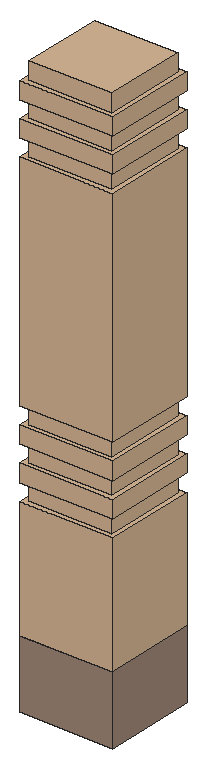
Revit family "GEN_A3-PECANWOOD-SQUARE-PIER-(DOUBLE-VOLUME)", category Columns, Revit 2016
Family settings
  Cut with Voids When Loaded = No
  Automatically joins geometry to walls = Yes
  Shared = No
  Show family pre-cut in plan views = Yes
Parameters (values of type "PECANWOOD SQUARE PIER (DOUBLE VOLUME)")
  STEP = 340 mm
  NIB WIDTH = 460 mm
  NIB DEPTH. = 460 mm
  Assembly Code = ""
Reference planes
  plane 1: z = 0
  plane 2 "Left": x = -135
  plane 3 "Right": x = 325
  plane 4 "Back": y = 135
  plane 5 "Front": y = -325
  plane 6: z = -340
Forms (mm)
  Extrusion 1, solid, material "-WALL"
    sketch origin (0, 0, 0) x (1, 0, 0) y (0, 1, 0)
      loop
        line (-135, -325) -> (325, -325) -> (325, 135) -> (-135, 135) -> (-135, -325)
    from 0 to 2550
  Sweep 2, void
    path origin (-101.756, 0, 2550) x (1, 0, 0) y (0, 1, 0)
      loop
        line (426.756, 135) -> (-33.244, 135) -> (-33.244, -325) -> (426.756, -325) -> (426.756, 135)
    profile origin (95, 135, 2550) x (0, -1, 0) y (0, 0, 1)
      loop
        line (25, -85) -> (25, 0) -> (-25, 0) -> (-25, -85) -> (25, -85)
      loop
        line (25, -255) -> (25, -170) -> (-25, -170) -> (-25, -255) -> (25, -255)
      loop
        line (25, -425) -> (25, -340) -> (-25, -340) -> (-25, -425) -> (25, -425)
      loop
        line (25, -1615) -> (25, -1530) -> (-25, -1530) -> (-25, -1615) -> (25, -1615)
      loop
        line (25, -1785) -> (25, -1700) -> (-25, -1700) -> (-25, -1785) -> (25, -1785)
      loop
        line (25, -1955) -> (25, -1870) -> (-25, -1870) -> (-25, -1955) -> (25, -1955)
  Extrusion 3, solid, material "-FACE BRICK PLINTH"
    sketch origin (0, 0, 0) x (1, 0, 0) y (0, 1, 0)
      loop
        line (325, -325) -> (325, 135) -> (-135, 135) -> (-135, -325) -> (325, -325)
    from -340 to 0
Cuts and joins
  Sweep 2 cuts Extrusion 1
Dimensions and locks
  "NIB WIDTH": plane 2 "Left" to plane 3 "Right"
  "STEP": plane 6 to level
  "NIB DEPTH.": plane 5 "Front" to plane 4 "Back"
  aligned and locked: Extrusion 1 sketch curve to plane 2 "Left"
  aligned and locked: Extrusion 1 sketch curve to plane 4 "Back"
  aligned and locked: Extrusion 1 sketch curve to plane 3 "Right"
  aligned and locked: Extrusion 1 sketch curve to plane 5 "Front"
  aligned and locked: level to Extrusion 1
  aligned and locked: Sweep 2 sketch curve to level
  aligned and locked: Extrusion 3 sketch curve to plane 5 "Front"
  aligned and locked: Extrusion 3 sketch curve to plane 2 "Left"
  aligned and locked: plane 4 "Back" to Extrusion 3 sketch curve
  aligned and locked: plane 3 "Right" to Extrusion 3 sketch curve
  aligned and locked: cut or joined group of Extrusion 1, Sweep 2 to level
  aligned and locked: level to Extrusion 3
  aligned and locked: plane 6 to Extrusion 3
Automatic sketch dimensions
  Sweep 2 sketch curve to plane 2 "Left" = 0 mm
  Sweep 2 sketch curve to plane 3 "Right" = 0 mm
  Sweep 2 sketch curve to plane 5 "Front" = 0 mm
  Sweep 2 sketch curve to plane 4 "Back" = 0 mm
  profile plane to Sweep 2 sketch curve = 25 mm  (x6)
  Sweep 2 sketch curve to profile plane = 25 mm  (x6)
  Sweep 2 sketch curve to level = 85 mm
  Sweep 2 sketch curve to Sweep 2 sketch curve = 85 mm  (x9)
  Sweep 2 sketch curve to Sweep 2 sketch curve = 1105 mm
